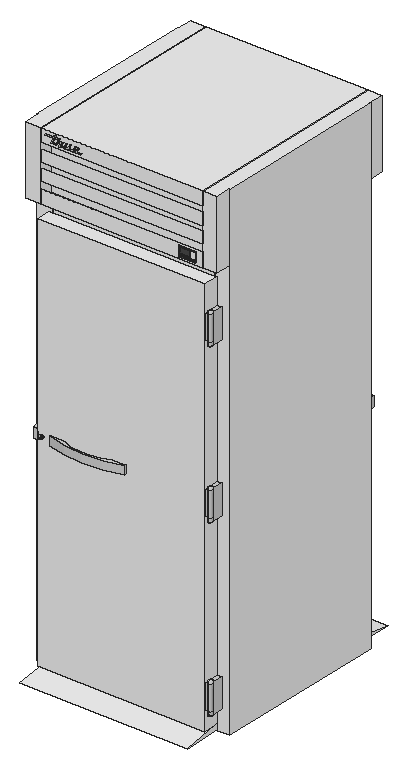
Revit family
Parameters
  Weight in Pounds = 0
  Watts = 2000 W
  Volts = 115 V
  URL Cutsheet = "www.truemfg.com"
  URL = "www.truemfg.com"
  Type Mark [instance] = ""
  Type Comments = ""
  Status [instance] = ""
  Specification by User [instance] = ""
  Specification by Manufacturer = ""
  Show Logo [instance] = yes
  Show Clearance [instance] = yes
  Serial Number = ""
  Seismic Rating = ""
  SMACNA No = ""
  Revision Code [instance] = ""
  Phase = 1
  Omniclass Number and Title = ""
  Number of Poles [instance] = 1
  NAFEM Spec ID Number = ""
  Model = "STA1HRT89-1S-1S"
  Min Ckt Ampacity = 0 A
  Max Overcurrent Protection = 0 A
  Masterspec = ""
  Manufacturer = "TRUE FOOD SERVICE EQUIPMENT, INC."
  Length = 35"
  Item Number [instance] = ""
  Installed By [instance] = ""
  Identify Quantity as Lot [instance] = yes
  Height = 88 3/4"
  HP = ""
  Furnished By [instance] = ""
  Foodservice Equipment Identifier [instance] = yes
  FL Amps = Watts / Volts  # 17.3913 A
  Electrical Remarks [instance] = ""
  Electric Connection Type [instance] = ""
  Elec Conn RI Height [instance] = 0"
  Elec Conn Connection Height [instance] = 0"
  Description = "Roll-thru Solid Swing Door Heated Cabinet"
  Depth = 37 1/2"
  Cycle = 60 Hz
  Conn Plug = "14-20P"
  Conn Conduit = yes
  CSI MasterFormat = ""
  CSI Master Format = ""
  Apparent Power = if(Phase = 3, Volts * FL Amps * 1.73, Volts * FL Amps)  # 2000 VA
Reference planes (in)
  plane 1 "BACK": y = 0
  plane 2: z = 0
  plane 3 "LEFT": x = 0
  plane 4 "RIGHT": x = 35
  plane 5 "FRONT": y = -37.5
  plane 6 "TOP": z = 88.75
  plane 7: x = 2.84375
  plane 8: y = -37.4542
  plane 9: x = 32.15625
  plane 10: y = -0.0458
  plane 11: y = -18.75
  plane 12: z = 73.75
Forms (in)
  Extrusion 1, solid, material "QF_Finishes_Chrome - Satin"
    sketch origin (0.05, 0, 0) x (1, 0, 0) y (0, 1, 0)
      loop
        line (-0.05, -2.75) -> (-0.05, -34.75) -> (2.87859, -34.75) -> (2.87859, -2.75) -> (-0.05, -2.75)
    from 0 to 88.75
  Extrusion 2, solid, material "QF_Finishes_Chrome - Satin"
    sketch origin (50.15, 0, 0) x (1, 0, 0) y (0, 1, 0)
      loop
        line (-17.85, -2.75) -> (-17.85, -34.75) -> (-15.15, -34.75) -> (-15.15, -2.75) -> (-17.85, -2.75)
    from 0 to 88.75
  Extrusion 3, solid, material "QF_Finishes_Chrome - Satin"
    sketch origin (0, 0, 0) x (0, 1, 0) y (0, 0, 1)
      loop
        line (-37.4542, 76.28125) -> (-34.75, 76.28125) -> (-34.75, 0) -> (-2.75, 0) -> (-2.75, 76.28125) -> (-0.0458, 76.28125) -> (-0.0458, 78.81726) -> (-2.25, 77.25) -> (-2.25, 78.52557) -> (-0.0458, 80.09284) -> (-0.0458, 82.18904) -> (-2.25, 80.62178) -> (-2.25, 81.58254) -> (-0.0458, 83.1498) -> (-0.0458, 85.28351) -> (-2.25, 83.71625) -> (-2.25, 84.83852) -> (-0.0458, 86.40578) -> (-0.0458, 88.75) -> (-37.4542, 88.75) -> (-37.4542, 86.40578) -> (-35.25, 84.83852) -> (-35.25, 83.71625) -> (-37.4542, 85.28351) -> (-37.4542, 83.1498) -> (-35.25, 81.58254) -> (-35.25, 80.62178) -> (-37.4542, 82.18904) -> (-37.4542, 80.09284) -> (-35.25, 78.52557) -> (-35.25, 77.25) -> (-37.4542, 78.81726) -> (-37.4542, 76.28125)
    from 2.92859 to 32.3
  Extrusion 4, solid, material "QF_Finishes_Chrome - Satin"
    sketch origin (0, 0, 0) x (1, 0, 0) y (0, 1, 0)
      loop
        line (34.84782, -34.75) -> (32.3, -34.75) -> (32.3, -37.5) -> (34.84782, -37.5) -> (34.84782, -34.75)
      loop
        line (34.84782, -2.75) -> (34.84782, 0) -> (32.3, 0) -> (32.3, -2.75) -> (34.84782, -2.75)
    from 76.28125 to 88.75
  Extrusion 5, solid, material "QF_Finishes_Chrome - Satin"
    sketch origin (-50.125, 0, 0.25) x (1, 0, 0) y (0, 1, 0)
      loop
        line (53.05359, -34.75) -> (50.24109, -34.75) -> (50.24109, -37.5) -> (53.05359, -37.5) -> (53.05359, -34.75)
      loop
        line (53.05359, -2.75) -> (53.05359, 0) -> (50.24109, 0) -> (50.24109, -2.75) -> (53.05359, -2.75)
    from 76.03125 to 88.5
  Extrusion 6, solid, material "QF_Finishes_Chrome - Satin"
    sketch origin (-24.96875, -3.75, -0.71875) x (1, 0, 0) y (0, 0, 1)
      loop
        line (27.25, 1.71875) -> (57.65625, 1.71875) -> (57.65625, 74.46875) -> (27.25, 74.46875) -> (27.25, 1.71875)
    from 31 to 33.75
  Extrusion 7, solid, material "QF_Finishes_Handrails and Railings"
    sketch origin (58.625, -0.25, 26.93519) x (1, 0, 0) y (0, 1, 0)
      loop
        line (-53.875, -37.25) -> (-53.875, -37.45)
        arc (-53.875, -37.45) -> (-47.075, -38.65633) -> (-40.275, -37.45) r 19.7687
        line (-40.275, -37.45) -> (-40.275, -37.25) -> (-42.675, -37.25)
        arc (-42.675, -37.25) -> (-47.075, -38.40816) -> (-51.475, -37.25) r 8.93713
        line (-51.475, -37.25) -> (-53.875, -37.25)
    from 10.87731 to 12.37731
  Extrusion 8, solid, material "QF_Finishes_Handrails and Railings"
    sketch origin (-23.375, -3.83467, -1.5) x (1, 0, 0) y (0, 0, 1)
      loop
        circle (26.4375, 40.0625) r 0.35
      loop
        line (26.47265, 40.33635) -> (26.41715, 40.33635) -> (26.41715, 39.76895) -> (26.47265, 39.76895) -> (26.47265, 40.33635)
    from 33.5 to 33.83066
  Extrusion 9, solid, material "QF_Finishes_Handrails and Railings", visible <- "Show Logo"
    sketch origin (0.33478, -2.68623, 5.01857) x (1, 0, 0) y (0, 0, 1)
      loop
        line (3.46044, 83.08731) -> (3.35478, 82.86073) -> (4.76027, 82.86073)
        arc (4.76027, 82.86073) -> (4.78879, 82.81028) -> (4.76027, 82.75984) r 0.05887
        line (4.76027, 82.75984) -> (4.39369, 81.97372)
        arc (4.39369, 81.97372) -> (4.39051, 81.90091) -> (4.43975, 81.84717) r 0.09523
        line (4.43975, 81.84717) -> (5.33844, 81.84717)
        arc (5.33844, 81.84717) -> (5.45192, 81.88295) -> (5.52436, 81.97735) r 0.19785
        line (5.52436, 81.97735) -> (5.81285, 82.59601) -> (6.0779, 82.59601)
        arc (6.0779, 82.59601) -> (6.14744, 82.57043) -> (6.13737, 82.49703) r 0.05911
        line (6.13737, 82.49703) -> (5.89598, 81.97937)
        arc (5.89598, 81.97937) -> (5.89974, 81.8934) -> (5.97231, 81.84717) r 0.09318
        line (5.97231, 81.84717) -> (6.76198, 81.84717)
        arc (6.76198, 81.84717) -> (6.82249, 81.86919) -> (6.85468, 81.92495) r 0.09412
        arc (6.85468, 81.92495) -> (6.87746, 81.86995) -> (6.93246, 81.84717) r 0.07778
        line (6.93246, 81.84717) -> (7.43246, 81.84717)
        arc (7.43246, 81.84717) -> (7.49022, 81.86265) -> (7.53251, 81.90493) r 0.11552
        arc (7.53251, 81.90493) -> (7.55275, 81.85606) -> (7.60162, 81.83581) r 0.06912
        line (7.60162, 81.83581) -> (8.31225, 81.83581)
        arc (8.31225, 81.83581) -> (8.37034, 81.85988) -> (8.39441, 81.91797) r 0.08216
        arc (8.39441, 81.91797) -> (8.44767, 81.86472) -> (8.52042, 81.84522) r 0.14551
        line (8.52042, 81.84522) -> (9.85158, 81.84522) -> (9.99946, 82.10134) -> (8.65678, 82.10134)
        arc (8.65678, 82.10134) -> (8.61972, 82.12704) -> (8.61834, 82.17211) r 0.05009
        line (8.61834, 82.17211) -> (8.64157, 82.22192)
        arc (8.64157, 82.22192) -> (8.67723, 82.26864) -> (8.73327, 82.28635) r 0.09747
        line (8.73327, 82.28635) -> (9.16485, 82.28635)
        arc (9.16485, 82.28635) -> (9.258, 82.31131) -> (9.32619, 82.3795) r 0.1863
        line (9.32619, 82.3795) -> (9.45119, 82.59601)
        arc (9.45119, 82.59601) -> (9.45119, 82.71157) -> (9.35111, 82.76934) r 0.11556
        line (9.35111, 82.76934) -> (8.89562, 82.76934)
        arc (8.89562, 82.76934) -> (8.7795, 82.74962) -> (8.69849, 82.66412) r 0.18605
        line (8.69849, 82.66412) -> (8.48204, 82.19993)
        arc (8.48204, 82.19993) -> (8.41815, 82.11667) -> (8.31806, 82.08511) r 0.1745
        line (8.31806, 82.08511) -> (7.84559, 82.08511)
        arc (7.84559, 82.08511) -> (7.78903, 82.14684) -> (7.79268, 82.23048) r 0.10939
        line (7.79268, 82.23048) -> (8.04395, 82.76934) -> (7.88403, 82.76934) -> (7.61781, 82.19844)
        arc (7.61781, 82.19844) -> (7.56609, 82.13103) -> (7.48505, 82.10548) r 0.14128
        line (7.48505, 82.10548) -> (7.15925, 82.10548)
        arc (7.15925, 82.10548) -> (7.10419, 82.17723) -> (7.116, 82.26689) r 0.11816
        line (7.116, 82.26689) -> (7.3503, 82.76934) -> (7.18514, 82.76934) -> (6.91546, 82.191)
        arc (6.91546, 82.191) -> (6.85285, 82.12839) -> (6.76733, 82.10548) r 0.17104
        line (6.76733, 82.10548) -> (6.29555, 82.10548)
        arc (6.29555, 82.10548) -> (6.21082, 82.14499) -> (6.20267, 82.23813) r 0.0935
        line (6.20267, 82.23813) -> (6.35774, 82.57069) -> (6.57695, 82.57069)
        arc (6.57695, 82.57069) -> (6.61395, 82.68217) -> (6.69267, 82.76934) r 0.2857
        line (6.69267, 82.76934) -> (5.83605, 82.76934)
        arc (5.83605, 82.76934) -> (5.74086, 82.74824) -> (5.67498, 82.67635) r 0.16212
        line (5.67498, 82.67635) -> (5.44279, 82.17841)
        arc (5.44279, 82.17841) -> (5.3894, 82.12502) -> (5.31647, 82.10548) r 0.14586
        line (5.31647, 82.10548) -> (4.80506, 82.10548)
        arc (4.80506, 82.10548) -> (4.76514, 82.15942) -> (4.77274, 82.22609) r 0.09155
        line (4.77274, 82.22609) -> (5.11018, 82.86073) -> (5.96155, 82.86073) -> (6.06721, 83.08731) -> (5.21584, 83.08731) -> (5.32149, 83.31388) -> (5.01862, 83.31388) -> (4.91297, 83.08731) -> (3.46044, 83.08731)
      loop
        arc (8.83805, 82.56363) -> (8.80119, 82.55375) -> (8.7742, 82.52676) r 0.07373
        line (8.7742, 82.52676) -> (8.75229, 82.45936)
        arc (8.75229, 82.45936) -> (8.76245, 82.43483) -> (8.78699, 82.42466) r 0.0347
        line (8.78699, 82.42466) -> (9.15948, 82.42466)
        arc (9.15948, 82.42466) -> (9.18632, 82.43061) -> (9.20812, 82.44734) r 0.0635
        line (9.20812, 82.44734) -> (9.22624, 82.53122)
        arc (9.22624, 82.53122) -> (9.22091, 82.55368) -> (9.20009, 82.56363) r 0.02676
        line (9.20009, 82.56363) -> (8.83805, 82.56363)
    from 34.76797 to 34.83173
  Extrusion 10, solid, material "QF_Finishes_White"
    sketch origin (-22.74812, -2.7042, -7.94372) x (1, 0, 0) y (0, 0, 1)
      loop
        line (50.81732, 86.35727) -> (50.81732, 84.60996) -> (53.72357, 84.60996) -> (53.72357, 86.35727) -> (50.81732, 86.35727)
    from 34.75 to 34.76797
  Extrusion 11, solid, material "QF_Finishes_Black"
    sketch origin (-22.74812, -2.7042, -7.94372) x (1, 0, 0) y (0, 0, 1)
      loop
        line (53.78607, 86.41977) -> (50.75482, 86.41977) -> (50.75482, 84.54746) -> (53.78607, 84.54746) -> (53.78607, 86.41977)
      loop
        spline (50.95482, 84.87872) -> (50.96333, 84.86254) -> (50.98831, 84.84747) -> (51.02804, 84.83452) -> (51.07982, 84.82459) -> (51.14011, 84.81835) -> (51.20482, 84.81622) -> (51.26952, 84.81835) -> (51.32982, 84.82459) -> (51.38159, 84.83452) -> (51.42132, 84.84747) -> (51.4463, 84.86254) -> (51.45482, 84.87872)
        spline (51.45482, 84.87872) -> (51.4463, 84.89489) -> (51.42132, 84.90997) -> (51.38159, 84.92291) -> (51.32982, 84.93284) -> (51.26952, 84.93909) -> (51.20482, 84.94122) -> (51.14011, 84.93909) -> (51.07982, 84.93284) -> (51.02804, 84.92291) -> (50.98831, 84.90997) -> (50.96333, 84.89489) -> (50.95482, 84.87872)
      loop
        spline (51.65083, 84.87872) -> (51.65935, 84.86254) -> (51.68432, 84.84747) -> (51.72405, 84.83452) -> (51.77583, 84.82459) -> (51.83612, 84.81835) -> (51.90083, 84.81622) -> (51.96553, 84.81835) -> (52.02583, 84.82459) -> (52.07761, 84.83452) -> (52.11734, 84.84747) -> (52.14231, 84.86254) -> (52.15083, 84.87872)
        spline (52.15083, 84.87872) -> (52.14231, 84.89489) -> (52.11734, 84.90997) -> (52.07761, 84.92291) -> (52.02583, 84.93284) -> (51.96553, 84.93909) -> (51.90083, 84.94122) -> (51.83612, 84.93909) -> (51.77583, 84.93284) -> (51.72405, 84.92291) -> (51.68432, 84.90997) -> (51.65935, 84.89489) -> (51.65083, 84.87872)
      loop
        spline (52.40083, 84.87872) -> (52.40935, 84.86254) -> (52.43432, 84.84747) -> (52.47405, 84.83452) -> (52.52583, 84.82459) -> (52.58612, 84.81835) -> (52.65083, 84.81622) -> (52.71553, 84.81835) -> (52.77583, 84.82459) -> (52.82761, 84.83452) -> (52.86734, 84.84747) -> (52.89231, 84.86254) -> (52.90083, 84.87872)
        spline (52.90083, 84.87872) -> (52.89231, 84.89489) -> (52.86734, 84.90997) -> (52.82761, 84.92291) -> (52.77583, 84.93284) -> (52.71553, 84.93909) -> (52.65083, 84.94122) -> (52.58612, 84.93909) -> (52.52583, 84.93284) -> (52.47405, 84.92291) -> (52.43432, 84.90997) -> (52.40935, 84.89489) -> (52.40083, 84.87872)
      loop
        line (50.95481, 86.21978) -> (50.95481, 85.21978) -> (52.65433, 85.21978) -> (52.65433, 86.21978) -> (50.95481, 86.21978)
      loop
        line (53.72357, 86.35727) -> (50.81732, 86.35727) -> (50.81732, 84.60996) -> (53.72357, 84.60996) -> (53.72357, 86.35727)
      loop
        spline (53.15083, 84.87872) -> (53.15935, 84.86254) -> (53.18432, 84.84747) -> (53.22405, 84.83452) -> (53.27583, 84.82459) -> (53.33612, 84.81835) -> (53.40083, 84.81622) -> (53.46553, 84.81835) -> (53.52583, 84.82459) -> (53.57761, 84.83452) -> (53.61734, 84.84747) -> (53.64231, 84.86254) -> (53.65083, 84.87872)
        spline (53.65083, 84.87872) -> (53.64231, 84.89489) -> (53.61734, 84.90997) -> (53.57761, 84.92291) -> (53.52583, 84.93284) -> (53.46553, 84.93909) -> (53.40083, 84.94122) -> (53.33612, 84.93909) -> (53.27583, 84.93284) -> (53.22405, 84.92291) -> (53.18432, 84.90997) -> (53.15935, 84.89489) -> (53.15083, 84.87872)
    from 34.76797 to 34.80335
  Extrusion 12, solid
    sketch origin (-25.125, 0, 0) x (1, 0, 0) y (0, 0, 1)
      loop
        circle (56.875, 86.625) r 0.25
    from 0 to 0.0625
  Blend 13, solid, material "QF_Finishes_Handrails and Railings"
    base sketch origin (27.53125, -3.75, 0.5) x (-1, 0, 0) y (0, 0, -1)
      loop
        line (25.25, -38.99169) -> (26, -38.99169) -> (26, -37.24169) -> (25.25, -37.24169) -> (25.25, -38.99169)
    top sketch origin (27.53125, 0, 0.5) x (-1, 0, 0) y (0, 0, -1)
      loop
        line (26.18223, -36.6441) -> (25.25, -36.6441) -> (25.25, -39.42643) -> (26.18223, -39.42643) -> (26.18223, -36.6441)
    from 33.57883 to 34.75
  Extrusion 14, solid, material "QF_Finishes_Handrails and Railings"
    sketch origin (33.78125, 0, 0) x (0, 1, 0) y (0, 0, -1)
      loop
        line (-34.75, -69.17729) -> (-34.75, -63.86127) -> (-37, -63.86127) -> (-37, -64.57348) -> (-36.56497, -64.57348) -> (-36.56497, -68.97276)
        arc (-36.56497, -68.97276) -> (-36.50506, -69.11738) -> (-36.36044, -69.17729) r 0.20453
        line (-36.36044, -69.17729) -> (-34.75, -69.17729)
    from 0.17506 to 1
  Revolve 15, solid, material "QF_Finishes_Handrails and Railings"
    sketch origin (33.28125, 0, 0) x (0, 1, 0) y (0, 0, -1)
      loop
        line (-37.01563, -64.62689) -> (-37.42229, -64.62689) -> (-37.42229, -69.0986)
        arc (-37.42229, -69.0986) -> (-37.28722, -69.35057) -> (-37.01563, -69.43983) r 0.3848
        line (-37.01563, -69.43983) -> (-37.01563, -64.62689)
      loop
        line (-37.01563, -64.57348) -> (-37.01563, -63.67281)
        arc (-37.01563, -63.67281) -> (-37.28264, -63.75883) -> (-37.42229, -64.00212) r 0.38884
        line (-37.42229, -64.00212) -> (-37.42229, -64.57348) -> (-37.01563, -64.57348)
      axis (-37.01563, -63.67281) -> (-37.01563, -69.43983)
    angle from 0 to 360
  Extrusion 16, solid, material "QF_Finishes_Handrails and Railings"
    sketch origin (27.5, -3.82734, 0.0011) x (-1, 0, 0) y (0, 0, -1)
      loop
        line (-5.58509, -69.0986) -> (-5.1875, -69.0986) -> (-5.1875, -64.62579) -> (-5.58509, -64.62579) -> (-5.58509, -69.0986)
    from 32.81497 to 33.59495
  Extrusion 17, solid, material "QF_Finishes_Handrails and Railings"
    sketch origin (33.78125, 0, -24) x (0, 1, 0) y (0, 0, -1)
      loop
        line (-34.75, -64.55229) -> (-34.75, -59.23627) -> (-37, -59.23627) -> (-37, -59.94848) -> (-36.56497, -59.94848) -> (-36.56497, -64.34776)
        arc (-36.56497, -64.34776) -> (-36.50506, -64.49238) -> (-36.36044, -64.55229) r 0.20453
        line (-36.36044, -64.55229) -> (-34.75, -64.55229)
    from 0.17506 to 1
  Revolve 18, solid, material "QF_Finishes_Handrails and Railings"
    sketch origin (33.28125, 0, -24) x (0, 1, 0) y (0, 0, -1)
      loop
        line (-37.01563, -60.00189) -> (-37.42229, -60.00189) -> (-37.42229, -64.4736)
        arc (-37.42229, -64.4736) -> (-37.28722, -64.72557) -> (-37.01563, -64.81483) r 0.3848
        line (-37.01563, -64.81483) -> (-37.01563, -60.00189)
      loop
        line (-37.01563, -59.94848) -> (-37.01563, -59.04781)
        arc (-37.01563, -59.04781) -> (-37.28264, -59.13383) -> (-37.42229, -59.37712) r 0.38884
        line (-37.42229, -59.37712) -> (-37.42229, -59.94848) -> (-37.01563, -59.94848)
      axis (-37.01563, -59.04781) -> (-37.01563, -64.81483)
    angle from 0 to 360
  Extrusion 19, solid, material "QF_Finishes_Handrails and Railings"
    sketch origin (27.5, -3.82734, -23.9989) x (-1, 0, 0) y (0, 0, -1)
      loop
        line (-5.58509, -64.4736) -> (-5.1875, -64.4736) -> (-5.1875, -60.00079) -> (-5.58509, -60.00079) -> (-5.58509, -64.4736)
    from 32.81497 to 33.59495
  Extrusion 20, solid, material "QF_Finishes_Handrails and Railings"
    sketch origin (33.78125, 0, -55.5) x (0, 1, 0) y (0, 0, -1)
      loop
        line (-34.75, -64.55229) -> (-34.75, -59.23627) -> (-37, -59.23627) -> (-37, -59.94848) -> (-36.56497, -59.94848) -> (-36.56497, -64.34776)
        arc (-36.56497, -64.34776) -> (-36.50506, -64.49238) -> (-36.36044, -64.55229) r 0.20453
        line (-36.36044, -64.55229) -> (-34.75, -64.55229)
    from 0.17506 to 1
  Revolve 21, solid, material "QF_Finishes_Handrails and Railings"
    sketch origin (33.28125, 0, -55.5) x (0, 1, 0) y (0, 0, -1)
      loop
        line (-37.01563, -60.00189) -> (-37.42229, -60.00189) -> (-37.42229, -64.4736)
        arc (-37.42229, -64.4736) -> (-37.28722, -64.72557) -> (-37.01563, -64.81483) r 0.3848
        line (-37.01563, -64.81483) -> (-37.01563, -60.00189)
      loop
        line (-37.01563, -59.94848) -> (-37.01563, -59.04781)
        arc (-37.01563, -59.04781) -> (-37.28264, -59.13383) -> (-37.42229, -59.37712) r 0.38884
        line (-37.42229, -59.37712) -> (-37.42229, -59.94848) -> (-37.01563, -59.94848)
      axis (-37.01563, -59.04781) -> (-37.01563, -64.81483)
    angle from 0 to 360
  Extrusion 22, solid, material "QF_Finishes_Handrails and Railings"
    sketch origin (27.5, -3.82734, -55.4989) x (-1, 0, 0) y (0, 0, -1)
      loop
        line (-5.58509, -64.4736) -> (-5.1875, -64.4736) -> (-5.1875, -60.00079) -> (-5.58509, -60.00079) -> (-5.58509, -64.4736)
    from 32.81497 to 33.59495
  Extrusion 23, solid, material "QF_Finishes_Door Clearance", visible <- "Show Clearance", detail levels coarse
    sketch origin (26.42841, -3.6098, 0) x (1, 0, 0) y (0, 1, 0)
      loop
        line (6.32159, -33.8902) -> (-24.14716, -33.8902)
        arc (-24.14716, -33.8902) -> (-15.22307, -55.43486) -> (6.32159, -64.35895) r 30.46875
        line (6.32159, -64.35895) -> (6.32159, -33.8902)
    from 1 to 73.75
  Extrusion 24, solid, material "QF_Finishes_Chrome - Satin"
    sketch origin (32.6875, -3.75, 1) x (0, 0, 1) y (0, -1, 0)
      loop
        line (-1, 37.6875) -> (-1, 31) -> (0, 31) -> (-1, 37.6875)
    from 0 to -30.40625
  Extrusion 25, solid, material "QF_Finishes_Chrome - Satin"
    sketch origin (59.96875, -33.75, -0.71875) x (-1, 0, 0) y (0, 0, 1)
      loop
        line (27.25, 1.71875) -> (57.65625, 1.71875) -> (57.65625, 74.46875) -> (27.25, 74.46875) -> (27.25, 1.71875)
    from 31 to 33.75
  Extrusion 26, solid, material "QF_Finishes_Handrails and Railings"
    sketch origin (-23.625, -37.25, 26.93519) x (-1, 0, 0) y (0, -1, 0)
      loop
        line (-53.875, -37.25) -> (-53.875, -37.45)
        arc (-53.875, -37.45) -> (-47.075, -38.65628) -> (-40.275, -37.45) r 19.76948
        line (-40.275, -37.45) -> (-40.275, -37.25) -> (-42.675, -37.25)
        arc (-42.675, -37.25) -> (-47.075, -38.40816) -> (-51.475, -37.25) r 8.93715
        line (-51.475, -37.25) -> (-53.875, -37.25)
    from 10.87731 to 12.37731
  Extrusion 27, solid, material "QF_Finishes_Handrails and Railings"
    sketch origin (58.375, -33.66533, -1.5) x (-1, 0, 0) y (0, 0, 1)
      loop
        circle (26.4375, 40.0625) r 0.35
      loop
        line (26.47265, 40.33635) -> (26.41715, 40.33635) -> (26.41715, 39.76895) -> (26.47265, 39.76895) -> (26.47265, 40.33635)
    from 33.5 to 33.83066
  Blend 28, solid, material "QF_Finishes_Handrails and Railings"
    base sketch origin (7.46875, -33.75, 0.5) x (1, 0, 0) y (0, 0, -1)
      loop
        line (25.25, -38.99169) -> (26, -38.99169) -> (26, -37.24169) -> (25.25, -37.24169) -> (25.25, -38.99169)
    top sketch origin (7.46875, -37.5, 0.5) x (1, 0, 0) y (0, 0, -1)
      loop
        line (26.18223, -36.6441) -> (25.25, -36.6441) -> (25.25, -39.42643) -> (26.18223, -39.42643) -> (26.18223, -36.6441)
    from 33.57883 to 34.75
  Extrusion 29, solid, material "QF_Finishes_Handrails and Railings"
    sketch origin (1.21875, -37.5, 0) x (0, -1, 0) y (0, 0, -1)
      loop
        line (-34.75, -69.17729) -> (-34.75, -63.86127) -> (-37, -63.86127) -> (-37, -64.57348) -> (-36.56497, -64.57348) -> (-36.56497, -68.97276)
        arc (-36.56497, -68.97276) -> (-36.50506, -69.11738) -> (-36.36044, -69.17729) r 0.20453
        line (-36.36044, -69.17729) -> (-34.75, -69.17729)
    from 0.17506 to 1
  Revolve 30, solid, material "QF_Finishes_Handrails and Railings"
    sketch origin (1.71875, -37.5, 0) x (0, -1, 0) y (0, 0, -1)
      loop
        line (-37.01563, -64.62689) -> (-37.42229, -64.62689) -> (-37.42229, -69.0986)
        arc (-37.42229, -69.0986) -> (-37.28722, -69.35057) -> (-37.01563, -69.43983) r 0.3848
        line (-37.01563, -69.43983) -> (-37.01563, -64.62689)
      loop
        line (-37.01563, -64.57348) -> (-37.01563, -63.67281)
        arc (-37.01563, -63.67281) -> (-37.28264, -63.75883) -> (-37.42229, -64.00212) r 0.38884
        line (-37.42229, -64.00212) -> (-37.42229, -64.57348) -> (-37.01563, -64.57348)
      axis (-37.01563, -63.67281) -> (-37.01563, -69.43983)
    angle from 0 to 360
  Extrusion 31, solid, material "QF_Finishes_Handrails and Railings"
    sketch origin (7.5, -33.67266, 0.0011) x (1, 0, 0) y (0, 0, -1)
      loop
        line (-5.58509, -69.0986) -> (-5.1875, -69.0986) -> (-5.1875, -64.62579) -> (-5.58509, -64.62579) -> (-5.58509, -69.0986)
    from 32.81497 to 33.59495
  Extrusion 32, solid, material "QF_Finishes_Handrails and Railings"
    sketch origin (1.21875, -37.5, -24) x (0, -1, 0) y (0, 0, -1)
      loop
        line (-34.75, -64.55229) -> (-34.75, -59.23627) -> (-37, -59.23627) -> (-37, -59.94848) -> (-36.56497, -59.94848) -> (-36.56497, -64.34776)
        arc (-36.56497, -64.34776) -> (-36.50506, -64.49238) -> (-36.36044, -64.55229) r 0.20453
        line (-36.36044, -64.55229) -> (-34.75, -64.55229)
    from 0.17506 to 1
  Revolve 33, solid, material "QF_Finishes_Handrails and Railings"
    sketch origin (1.71875, -37.5, -24) x (0, -1, 0) y (0, 0, -1)
      loop
        line (-37.01563, -60.00189) -> (-37.42229, -60.00189) -> (-37.42229, -64.4736)
        arc (-37.42229, -64.4736) -> (-37.28722, -64.72557) -> (-37.01563, -64.81483) r 0.3848
        line (-37.01563, -64.81483) -> (-37.01563, -60.00189)
      loop
        line (-37.01563, -59.94848) -> (-37.01563, -59.04781)
        arc (-37.01563, -59.04781) -> (-37.28264, -59.13383) -> (-37.42229, -59.37712) r 0.38884
        line (-37.42229, -59.37712) -> (-37.42229, -59.94848) -> (-37.01563, -59.94848)
      axis (-37.01563, -59.04781) -> (-37.01563, -64.81483)
    angle from 0 to 360
  Extrusion 34, solid, material "QF_Finishes_Handrails and Railings"
    sketch origin (7.5, -33.67266, -23.9989) x (1, 0, 0) y (0, 0, -1)
      loop
        line (-5.58509, -64.4736) -> (-5.1875, -64.4736) -> (-5.1875, -60.00079) -> (-5.58509, -60.00079) -> (-5.58509, -64.4736)
    from 32.81497 to 33.59495
  Extrusion 35, solid, material "QF_Finishes_Handrails and Railings"
    sketch origin (1.21875, -37.5, -55.5) x (0, -1, 0) y (0, 0, -1)
      loop
        line (-34.75, -64.55229) -> (-34.75, -59.23627) -> (-37, -59.23627) -> (-37, -59.94848) -> (-36.56497, -59.94848) -> (-36.56497, -64.34776)
        arc (-36.56497, -64.34776) -> (-36.50506, -64.49238) -> (-36.36044, -64.55229) r 0.20453
        line (-36.36044, -64.55229) -> (-34.75, -64.55229)
    from 0.17506 to 1
  Revolve 36, solid, material "QF_Finishes_Handrails and Railings"
    sketch origin (1.71875, -37.5, -55.5) x (0, -1, 0) y (0, 0, -1)
      loop
        line (-37.01563, -60.00189) -> (-37.42229, -60.00189) -> (-37.42229, -64.4736)
        arc (-37.42229, -64.4736) -> (-37.28722, -64.72557) -> (-37.01563, -64.81483) r 0.3848
        line (-37.01563, -64.81483) -> (-37.01563, -60.00189)
      loop
        line (-37.01563, -59.94848) -> (-37.01563, -59.04781)
        arc (-37.01563, -59.04781) -> (-37.28264, -59.13383) -> (-37.42229, -59.37712) r 0.38884
        line (-37.42229, -59.37712) -> (-37.42229, -59.94848) -> (-37.01563, -59.94848)
      axis (-37.01563, -59.04781) -> (-37.01563, -64.81483)
    angle from 0 to 360
  Extrusion 37, solid, material "QF_Finishes_Handrails and Railings"
    sketch origin (7.5, -33.67266, -55.4989) x (1, 0, 0) y (0, 0, -1)
      loop
        line (-5.58509, -64.4736) -> (-5.1875, -64.4736) -> (-5.1875, -60.00079) -> (-5.58509, -60.00079) -> (-5.58509, -64.4736)
    from 32.81497 to 33.59495
  Extrusion 38, solid, material "QF_Finishes_Door Clearance", visible <- "Show Clearance", detail levels coarse
    sketch origin (8.57159, -33.8902, 0) x (-1, 0, 0) y (0, -1, 0)
      loop
        line (6.32159, -33.8902) -> (-24.14716, -33.8902)
        arc (-24.14716, -33.8902) -> (-15.22307, -55.43486) -> (6.32159, -64.35895) r 30.46875
        line (6.32159, -64.35895) -> (6.32159, -33.8902)
    from 1 to 73.75
  Extrusion 39, solid, material "QF_Finishes_Chrome - Satin"
    sketch origin (2.3125, -33.75, 1) x (0, 0, 1) y (0, 1, 0)
      loop
        line (-1, 37.6875) -> (-1, 31) -> (0, 31) -> (-1, 37.6875)
    from 0 to -30.40625
Cuts and joins
  joined: Extrusion 1, Extrusion 2, Extrusion 4, Extrusion 5
Lines and regions (in)
  symbolic lines
    curve 1: line (0, 0, 0) -> (35, 0, 0)
    curve 2: line (0, -37.5, 0) -> (0, 0, 0)
    curve 3: line (35, -37.5, 0) -> (0, -37.5, 0)
    curve 4: line (35, 0, 0) -> (35, -37.5, 0)
    curve 5: line (35, -35.25, 0) -> (0, -35.25, 0)
    curve 6: arc (15.95746, -37.5, 0) -> (11.55746, -38.65816, 0) -> (7.15746, -37.5, 0) r 8.93715
    curve 7: line (4.75746, -37.5, 0) -> (4.75746, -37.70273, 0)
    curve 8: line (18.35746, -37.69726, 0) -> (18.35746, -37.5, 0)
    curve 13: line (16.65, 0.2, 0) -> (16.65, 0, 0)
    curve 14: line (30.25, 0, 0) -> (30.25, 0.2, 0)
    curve 15: arc (19.05, 0, 0) -> (23.45, 1.15816, 0) -> (27.85, 0, 0) r 8.93715
    curve 16: arc (4.75746, -37.70273, 0) -> (11.55795, -38.90633, 0) -> (18.35746, -37.69726, 0) r 19.7687
    curve 17: arc (30.25, 0.2, 0) -> (23.45, 1.40628, 0) -> (16.65, 0.2, 0) r 19.76948
    curve 18: line (35, -2.25, 0) -> (0, -2.25, 0)
  symbolic lines, style "QF-Door Swings", visible <- "Show Clearance", detail levels coarse
    curve 9: line (32.75, -37.5, 0) -> (32.75, -67.96875, 0)
    curve 10: arc (32.75, -67.96875, 0) -> (11.20534, -59.04466, 0) -> (2.28125, -37.5, 0) r 30.46875
    curve 11: line (2.25, 0, 0) -> (2.25, 30.46875, 0)
    curve 12: arc (2.25, 30.46875, 0) -> (23.79466, 21.54466, 0) -> (32.71875, 0, 0) r 30.46875
Dimensions and locks (in)
  "Depth": plane 5 "FRONT" to plane 1 "BACK"
  plane 6 "TOP" to level = 88 3/4"  (x2)
  Extrusion 6 sketch curve to Extrusion 6 sketch curve = 30 13/32"
  Extrusion 6 to plane 1 "BACK" = 37 1/2"
  "Length": plane 3 "LEFT" to plane 4 "RIGHT"
  plane 4 "RIGHT" to plane 3 "LEFT" = 35"
  plane 5 "FRONT" to plane 1 "BACK" = 37 1/2"
  Extrusion 25 sketch curve to Extrusion 25 sketch curve = 30 13/32"
  plane 12 to level = 73 3/4"
  aligned and locked: level to plane 2
Automatic sketch dimensions
  Extrusion 39 sketch curve to Extrusion 25 = 0"
  Extrusion 39 sketch curve to Extrusion 39 sketch curve = 1"
  Extrusion 39 sketch curve to Extrusion 25 = 3 15/16"
  Extrusion 1 sketch curve to plane 3 "LEFT" = 0"
  plane 1 "BACK" to Extrusion 1 sketch curve = 2 3/4"
  plane 7 to Extrusion 1 sketch curve = 0.08484"
  Extrusion 1 sketch curve to plane 5 "FRONT" = 2 3/4"
  plane 1 "BACK" to Extrusion 2 sketch curve = 2 3/4"
  Extrusion 2 sketch curve to plane 4 "RIGHT" = 0"
  Extrusion 2 sketch curve to plane 9 = 0.14375"
  Extrusion 2 sketch curve to plane 5 "FRONT" = 2 3/4"
  Extrusion 3 sketch curve to plane 8 = 0"  (x4)
  Extrusion 3 sketch curve to level = 0"
  Extrusion 3 sketch curve to plane 10 = 0"  (x4)
  Extrusion 3 sketch curve to plane 6 "TOP" = 0"
  plane 8 to Extrusion 3 sketch curve = 2.2042"
  Extrusion 3 sketch curve to Extrusion 3 sketch curve = 0"  (x3)
  plane 8 to Extrusion 3 sketch curve = 2.7042"
  Extrusion 3 sketch curve to Extrusion 3 sketch curve = 2.7042"
  plane 10 to Extrusion 3 sketch curve = 2.2042"
  Extrusion 3 sketch curve to Extrusion 3 sketch curve = 1/2"
  Extrusion 3 sketch curve to plane 6 "TOP" = 12 15/32"  (x2)
  Extrusion 3 sketch curve to Extrusion 3 sketch curve = 31/32"  (x2)
  Extrusion 3 sketch curve to Extrusion 3 sketch curve = 1.27557"  (x4)
  Extrusion 3 sketch curve to Extrusion 3 sketch curve = 0.29169"  (x2)
  Extrusion 3 sketch curve to Extrusion 3 sketch curve = 2.0962"  (x4)
  Extrusion 3 sketch curve to Extrusion 3 sketch curve = 0.96076"  (x4)
  Extrusion 3 sketch curve to Extrusion 3 sketch curve = 2.13371"  (x4)
  Extrusion 3 sketch curve to Extrusion 3 sketch curve = 1.12227"  (x4)
  Extrusion 6 sketch curve to plane 7 = 9/16"
  level to Extrusion 6 sketch curve = 1"
  Extrusion 6 sketch curve to plane 6 "TOP" = 15"
  plane 7 to Extrusion 8 sketch curve = 0.1984"
  plane 7 to Extrusion 8 sketch curve = 7/32"
  Extrusion 8 sketch curve to Extrusion 8 sketch curve = 0.0555"
  level to Extrusion 8 sketch curve = 38.26895"
  Extrusion 8 sketch curve to Extrusion 8 sketch curve = 0.29355"
  Extrusion 8 sketch curve to Extrusion 8 sketch curve = 0.27385"
  plane 7 to Extrusion 9 sketch curve = 0.84582"
  Extrusion 9 sketch curve to Extrusion 9 sketch curve = 0.10565"  (x5)
  Extrusion 9 sketch curve to Extrusion 9 sketch curve = 1.03891"
  Extrusion 9 sketch curve to Extrusion 9 sketch curve = 0.04606"
  Extrusion 9 sketch curve to Extrusion 9 sketch curve = 0.08631"
  Extrusion 9 sketch curve to Extrusion 9 sketch curve = 0.33624"
  Extrusion 9 sketch curve to Extrusion 9 sketch curve = 0.03034"  (x2)
  Extrusion 9 sketch curve to Extrusion 9 sketch curve = 0.29274"
  Extrusion 9 sketch curve to Extrusion 9 sketch curve = 0.03232"
  Extrusion 9 sketch curve to Extrusion 9 sketch curve = 0.04851"
  Extrusion 9 sketch curve to plane 6 "TOP" = 0.64412"
  Extrusion 9 sketch curve to Extrusion 9 sketch curve = 0.1527"
  Extrusion 9 sketch curve to plane 6 "TOP" = 0.41755"
  Extrusion 9 sketch curve to Extrusion 9 sketch curve = 0.19721"
  Extrusion 9 sketch curve to Extrusion 9 sketch curve = 0.4629"
  Extrusion 9 sketch curve to Extrusion 9 sketch curve = 0.02197"
  Extrusion 9 sketch curve to Extrusion 9 sketch curve = 0.12632"
  Extrusion 9 sketch curve to Extrusion 9 sketch curve = 0.18591"
  Extrusion 9 sketch curve to plane 6 "TOP" = 1.05508"
  Extrusion 9 sketch curve to Extrusion 9 sketch curve = 0.2322"
  Extrusion 9 sketch curve to Extrusion 9 sketch curve = 0.13786"
  Extrusion 9 sketch curve to Extrusion 9 sketch curve = 0.00907"
  Extrusion 9 sketch curve to Extrusion 9 sketch curve = 0.01413"
  Extrusion 9 sketch curve to Extrusion 9 sketch curve = 0.37162"
  Extrusion 9 sketch curve to plane 6 "TOP" = 0.8707"
  Extrusion 9 sketch curve to Extrusion 9 sketch curve = 0.12551"
  Extrusion 9 sketch curve to Extrusion 9 sketch curve = 0.07633"
  Extrusion 9 sketch curve to Extrusion 9 sketch curve = 0.08445"
  Extrusion 9 sketch curve to Extrusion 9 sketch curve = 0.25598"
  Extrusion 9 sketch curve to Extrusion 9 sketch curve = 0.01887"
  Extrusion 9 sketch curve to Extrusion 9 sketch curve = 0.04061"
  Extrusion 9 sketch curve to plane 6 "TOP" = 1.4933"
  Extrusion 9 sketch curve to Extrusion 9 sketch curve = 0.0653"
  Extrusion 9 sketch curve to Extrusion 9 sketch curve = 0.08474"
  Extrusion 9 sketch curve to Extrusion 9 sketch curve = 0.00815"
  Extrusion 9 sketch curve to Extrusion 9 sketch curve = 0.22037"
  Extrusion 9 sketch curve to Extrusion 9 sketch curve = 0.21921"
  Extrusion 9 sketch curve to Extrusion 9 sketch curve = 0.11572"
  Extrusion 9 sketch curve to Extrusion 9 sketch curve = 0.46643"
  Extrusion 9 sketch curve to Extrusion 9 sketch curve = 0.00535"
  Extrusion 9 sketch curve to Extrusion 9 sketch curve = 0.09269"
  Extrusion 9 sketch curve to Extrusion 9 sketch curve = 0.09348"
  Extrusion 9 sketch curve to Extrusion 9 sketch curve = 0.14812"
  Extrusion 9 sketch curve to Extrusion 9 sketch curve = 0.07778"
  Extrusion 9 sketch curve to Extrusion 9 sketch curve = 0.20054"
  Extrusion 9 sketch curve to Extrusion 9 sketch curve = 0.04325"
  Extrusion 9 sketch curve to plane 6 "TOP" = 0.96209"  (x2)
  Extrusion 9 sketch curve to Extrusion 9 sketch curve = 0.32433"
  Extrusion 9 sketch curve to Extrusion 9 sketch curve = 0.10233"  (x2)
  Extrusion 9 sketch curve to Extrusion 9 sketch curve = 0.16515"
  Extrusion 9 sketch curve to Extrusion 9 sketch curve = 0.27321"
  Extrusion 9 sketch curve to Extrusion 9 sketch curve = 0.0526"
  Extrusion 9 sketch curve to Extrusion 9 sketch curve = 0.10005"
  Extrusion 9 sketch curve to Extrusion 9 sketch curve = 0.06912"
  Extrusion 9 sketch curve to Extrusion 9 sketch curve = 0.13276"
  Extrusion 9 sketch curve to plane 6 "TOP" = 1.50095"
  Extrusion 9 sketch curve to Extrusion 9 sketch curve = 0.17486"
  Extrusion 9 sketch curve to Extrusion 9 sketch curve = 0.05291"
  Extrusion 9 sketch curve to Extrusion 9 sketch curve = 0.53374"
  Extrusion 9 sketch curve to Extrusion 9 sketch curve = 0.09914"
  Extrusion 9 sketch curve to Extrusion 9 sketch curve = 0.15992"
  Extrusion 9 sketch curve to Extrusion 9 sketch curve = 0.46666"
  Extrusion 9 sketch curve to Extrusion 9 sketch curve = 0.00582"
  Extrusion 9 sketch curve to Extrusion 9 sketch curve = 0.08216"
  Extrusion 9 sketch curve to Extrusion 9 sketch curve = 0.16397"
  Extrusion 9 sketch curve to Extrusion 9 sketch curve = 0.12601"
  Extrusion 9 sketch curve to plane 6 "TOP" = 1.55932"
  Extrusion 9 sketch curve to Extrusion 9 sketch curve = 0.1363"
  Extrusion 9 sketch curve to plane 6 "TOP" = 1.50951"
  Extrusion 9 sketch curve to Extrusion 9 sketch curve = 0.02323"
  Extrusion 9 sketch curve to Extrusion 9 sketch curve = 0.03844"
  Extrusion 9 sketch curve to Extrusion 9 sketch curve = 0.0454"
  Extrusion 9 sketch curve to Extrusion 9 sketch curve = 0.05693"
  Extrusion 9 sketch curve to Extrusion 9 sketch curve = 0.0917"
  Extrusion 9 sketch curve to Extrusion 9 sketch curve = 0.01902"
  Extrusion 9 sketch curve to Extrusion 9 sketch curve = 0.02191"
  Extrusion 9 sketch curve to Extrusion 9 sketch curve = 0.0347"
  Extrusion 9 sketch curve to Extrusion 9 sketch curve = 0.06385"
  Extrusion 9 sketch curve to Extrusion 9 sketch curve = 0.02906"
  Extrusion 9 sketch curve to Extrusion 9 sketch curve = 0.02851"
  Extrusion 9 sketch curve to Extrusion 9 sketch curve = 0.29237"
  Extrusion 9 sketch curve to Extrusion 9 sketch curve = 0.00537"
  Extrusion 9 sketch curve to Extrusion 9 sketch curve = 0.0406"
  Extrusion 9 sketch curve to plane 6 "TOP" = 1.28409"
  Extrusion 9 sketch curve to Extrusion 9 sketch curve = 0.04327"
  Extrusion 9 sketch curve to Extrusion 9 sketch curve = 0.02615"
  Extrusion 9 sketch curve to plane 6 "TOP" = 1.35193"
  Extrusion 9 sketch curve to Extrusion 9 sketch curve = 0.11806"
  Extrusion 9 sketch curve to Extrusion 9 sketch curve = 0.15103"
  Extrusion 9 sketch curve to Extrusion 9 sketch curve = 0.10007"
  Extrusion 9 sketch curve to Extrusion 9 sketch curve = 0.5254"
  Extrusion 9 sketch curve to plane 6 "TOP" = 1.63009"
  Extrusion 9 sketch curve to Extrusion 9 sketch curve = 0.14787"
  Extrusion 9 sketch curve to Extrusion 9 sketch curve = 0.14537"
  Extrusion 9 sketch curve to Extrusion 9 sketch curve = 0.63134"
  Extrusion 9 sketch curve to Extrusion 9 sketch curve = 0.11061"
  Extrusion 9 sketch curve to Extrusion 9 sketch curve = 0.25876"
  Extrusion 9 sketch curve to Extrusion 9 sketch curve = 0.06767"
  Extrusion 9 sketch curve to Extrusion 9 sketch curve = 0.12655"
  Extrusion 9 sketch curve to Extrusion 9 sketch curve = 0.12242"
  Extrusion 9 sketch curve to Extrusion 9 sketch curve = 0.29684"
  Extrusion 9 sketch curve to Extrusion 9 sketch curve = 0.03938"
  Extrusion 9 sketch curve to Extrusion 9 sketch curve = 0.06046"
  Extrusion 9 sketch curve to Extrusion 9 sketch curve = 0.13266"
  Extrusion 9 sketch curve to Extrusion 9 sketch curve = 0.14279"
  Extrusion 9 sketch curve to Extrusion 9 sketch curve = 0.07293"
  Extrusion 9 sketch curve to Extrusion 9 sketch curve = 0.07764"
  Extrusion 9 sketch curve to Extrusion 9 sketch curve = 0.03794"
  Extrusion 9 sketch curve to Extrusion 9 sketch curve = 0.08552"
  Extrusion 9 sketch curve to Extrusion 9 sketch curve = 0.09296"
  Extrusion 9 sketch curve to Extrusion 9 sketch curve = 0.02781"
  Extrusion 9 sketch curve to Extrusion 9 sketch curve = 0.04799"
  Extrusion 9 sketch curve to Extrusion 9 sketch curve = 0.03054"
  Extrusion 9 sketch curve to Extrusion 9 sketch curve = 0.2589"
  Extrusion 9 sketch curve to Extrusion 9 sketch curve = 0.0674"
  Extrusion 9 sketch curve to Extrusion 9 sketch curve = 0.0324"
  Extrusion 9 sketch curve to Extrusion 9 sketch curve = 0.26185"
  Extrusion 9 sketch curve to Extrusion 9 sketch curve = 11/256"
  Extrusion 9 sketch curve to Extrusion 9 sketch curve = 0.07366"
  Extrusion 9 sketch curve to Extrusion 9 sketch curve = 0.02187"
  Extrusion 9 sketch curve to Extrusion 9 sketch curve = 0.06479"
  Extrusion 9 sketch curve to Extrusion 9 sketch curve = 0.05778"
  Extrusion 9 sketch curve to Extrusion 9 sketch curve = 0.32747"
  Extrusion 9 sketch curve to Extrusion 9 sketch curve = 0.05045"
  Extrusion 9 sketch curve to Extrusion 9 sketch curve = 29/128"
  plane 9 to Extrusion 10 sketch curve = 4.08705"
  plane 9 to Extrusion 10 sketch curve = 1.1808"
  Extrusion 10 sketch curve to plane 6 "TOP" = 12.08376"
  Extrusion 10 sketch curve to Extrusion 10 sketch curve = 1.74732"
  plane 9 to Extrusion 11 sketch curve = 4.14955"
  Extrusion 11 sketch curve to Extrusion 11 sketch curve = 1/16"  (x4)
  Extrusion 11 sketch curve to Extrusion 11 sketch curve = 0.1375"  (x3)
  Extrusion 11 sketch curve to Extrusion 11 sketch curve = 1/4"  (x4)
  Extrusion 11 sketch curve to Extrusion 11 sketch curve = 0.44601"
  Extrusion 11 sketch curve to Extrusion 11 sketch curve = 1/2"  (x2)
  Extrusion 11 sketch curve to Extrusion 11 sketch curve = 0.0035"
  Extrusion 11 sketch curve to Extrusion 11 sketch curve = 1.06923"
  Extrusion 11 sketch curve to plane 6 "TOP" = 12.14626"
  Extrusion 11 sketch curve to Extrusion 11 sketch curve = 0.26876"  (x2)
  Extrusion 11 sketch curve to Extrusion 11 sketch curve = 0"  (x2)
  Extrusion 11 sketch curve to Extrusion 11 sketch curve = 0.34106"
  Extrusion 11 sketch curve to Extrusion 11 sketch curve = 1"
  plane 9 to Extrusion 12 sketch curve = 13/32"
  Extrusion 12 sketch curve to plane 6 "TOP" = 2 1/8"
  Blend 13 sketch curve to plane 7 = 9/16"
  Blend 13 sketch curve to Blend 13 sketch curve = 3/4"
  level to Blend 13 sketch curve = 39.49169"
  Blend 13 sketch curve to Blend 13 sketch curve = 1 3/4"
  plane 7 to Blend 13 sketch curve = 9/16"
  Blend 13 sketch curve to Blend 13 sketch curve = 0.93223"
  Blend 13 sketch curve to level = 37.1441"
  Blend 13 sketch curve to Blend 13 sketch curve = 2.78233"
  Extrusion 14 sketch curve to plane 5 "FRONT" = 1/2"
  Extrusion 14 sketch curve to Extrusion 14 sketch curve = 0.43503"
  Extrusion 14 sketch curve to Extrusion 14 sketch curve = 0.20453"
  Extrusion 14 sketch curve to Extrusion 14 sketch curve = 1.61044"
  Extrusion 14 sketch curve to plane 6 "TOP" = 19.57271"
  Extrusion 14 sketch curve to Extrusion 14 sketch curve = 4.39928"
  Extrusion 14 sketch curve to Extrusion 14 sketch curve = 0.71221"
  Revolve 15 sketch curve to plane 5 "FRONT" = 0.07771"  (x2)
  Revolve 15 sketch curve to Revolve 15 sketch curve = 0.38242"
  Revolve 15 sketch curve to Revolve 15 sketch curve = 0.38436"
  Revolve 15 sketch curve to plane 5 "FRONT" = 31/64"
  Revolve 15 sketch curve to Revolve 15 sketch curve = 0.40666"
  Revolve 15 sketch curve to Revolve 15 sketch curve = 0"
  Revolve 15 sketch curve to plane 6 "TOP" = 18.75492"
  Revolve 15 sketch curve to Revolve 15 sketch curve = 0.55526"
  Revolve 15 sketch curve to Revolve 15 sketch curve = 0.19474"
  Revolve 15 sketch curve to Revolve 15 sketch curve = 0.14649"
  Revolve 15 sketch curve to Revolve 15 sketch curve = 4.42889"
  Revolve 15 sketch curve to Revolve 15 sketch curve = 0.05342"
  Revolve 15 sketch curve to Revolve 15 sketch curve = 0.51246"
  Revolve 15 sketch curve to Revolve 15 sketch curve = 0.05889"
  Extrusion 16 sketch curve to plane 9 = 0.92884"
  Extrusion 16 sketch curve to Extrusion 16 sketch curve = 0.39759"
  Extrusion 16 sketch curve to plane 6 "TOP" = 19.6503"
  Extrusion 16 sketch curve to Extrusion 16 sketch curve = 4.47281"
  Extrusion 17 sketch curve to plane 5 "FRONT" = 1/2"
  Extrusion 17 sketch curve to Extrusion 17 sketch curve = 0.43503"
  Extrusion 17 sketch curve to Extrusion 17 sketch curve = 0.20453"
  Extrusion 17 sketch curve to Extrusion 17 sketch curve = 1.61044"
  level to Extrusion 17 sketch curve = 40.55229"
  Extrusion 17 sketch curve to Extrusion 17 sketch curve = 4.39928"
  Extrusion 17 sketch curve to Extrusion 17 sketch curve = 0.71221"
  Revolve 18 sketch curve to plane 5 "FRONT" = 0.07771"  (x2)
  Revolve 18 sketch curve to Revolve 18 sketch curve = 0.38242"
  Revolve 18 sketch curve to Revolve 18 sketch curve = 0.38436"
  Revolve 18 sketch curve to plane 5 "FRONT" = 31/64"
  Revolve 18 sketch curve to Revolve 18 sketch curve = 0.40666"
  Revolve 18 sketch curve to Revolve 18 sketch curve = 0"
  level to Revolve 18 sketch curve = 41.37008"
  Revolve 18 sketch curve to Revolve 18 sketch curve = 0.55526"
  Revolve 18 sketch curve to Revolve 18 sketch curve = 0.19474"
  Revolve 18 sketch curve to Revolve 18 sketch curve = 0.14649"
  Revolve 18 sketch curve to Revolve 18 sketch curve = 4.42889"
  Revolve 18 sketch curve to Revolve 18 sketch curve = 0.05342"
  Revolve 18 sketch curve to Revolve 18 sketch curve = 0.51246"
  Revolve 18 sketch curve to Revolve 18 sketch curve = 0.05889"
  Extrusion 19 sketch curve to plane 9 = 0.92884"
  Extrusion 19 sketch curve to Extrusion 19 sketch curve = 0.39759"
  level to Extrusion 19 sketch curve = 40.4747"
  Extrusion 19 sketch curve to Extrusion 19 sketch curve = 4.47281"
  Extrusion 20 sketch curve to plane 5 "FRONT" = 1/2"
  Extrusion 20 sketch curve to Extrusion 20 sketch curve = 0.43503"
  Extrusion 20 sketch curve to Extrusion 20 sketch curve = 0.20453"
  Extrusion 20 sketch curve to Extrusion 20 sketch curve = 1.61044"
  level to Extrusion 20 sketch curve = 9.05229"
  Extrusion 20 sketch curve to Extrusion 20 sketch curve = 4.39928"
  Extrusion 20 sketch curve to Extrusion 20 sketch curve = 0.71221"
  Revolve 21 sketch curve to plane 5 "FRONT" = 0.07771"  (x2)
  Revolve 21 sketch curve to Revolve 21 sketch curve = 0.38242"
  Revolve 21 sketch curve to Revolve 21 sketch curve = 0.38436"
  Revolve 21 sketch curve to plane 5 "FRONT" = 31/64"
  Revolve 21 sketch curve to Revolve 21 sketch curve = 0.40666"
  Revolve 21 sketch curve to Revolve 21 sketch curve = 0"
  level to Revolve 21 sketch curve = 9.87008"
  Revolve 21 sketch curve to Revolve 21 sketch curve = 0.55526"
  Revolve 21 sketch curve to Revolve 21 sketch curve = 0.19474"
  Revolve 21 sketch curve to Revolve 21 sketch curve = 0.14649"
  Revolve 21 sketch curve to Revolve 21 sketch curve = 4.42889"
  Revolve 21 sketch curve to Revolve 21 sketch curve = 0.05342"
  Revolve 21 sketch curve to Revolve 21 sketch curve = 0.51246"
  Revolve 21 sketch curve to Revolve 21 sketch curve = 0.05889"
  Extrusion 22 sketch curve to plane 9 = 0.92884"
  Extrusion 22 sketch curve to Extrusion 22 sketch curve = 0.39759"
  level to Extrusion 22 sketch curve = 8.9747"
  Extrusion 22 sketch curve to Extrusion 22 sketch curve = 4.47281"
  plane 5 "FRONT" to Extrusion 23 sketch curve = 0"
  Extrusion 23 sketch curve to plane 7 = 9/16"
  Extrusion 23 sketch curve to plane 9 = 19/32"
  Extrusion 24 sketch curve to Extrusion 6 = 0"
  Extrusion 6 to Extrusion 24 sketch curve = 0"
  Extrusion 6 to Extrusion 24 sketch curve = 1"
  Extrusion 24 sketch curve to Extrusion 6 = 3 15/16"
  Extrusion 25 sketch curve to plane 9 = 9/16"
  level to Extrusion 25 sketch curve = 1"
  Extrusion 25 sketch curve to plane 6 "TOP" = 15"
  plane 9 to Extrusion 27 sketch curve = 0.1984"
  plane 9 to Extrusion 27 sketch curve = 7/32"
  Extrusion 27 sketch curve to Extrusion 27 sketch curve = 0.0555"
  level to Extrusion 27 sketch curve = 38.26895"
  Extrusion 27 sketch curve to Extrusion 27 sketch curve = 0.29355"
  Extrusion 27 sketch curve to Extrusion 27 sketch curve = 0.27385"
  Blend 28 sketch curve to plane 9 = 9/16"  (x2)
  Blend 28 sketch curve to Blend 28 sketch curve = 3/4"
  level to Blend 28 sketch curve = 39.49169"
  Blend 28 sketch curve to Blend 28 sketch curve = 1 3/4"
  Blend 28 sketch curve to Blend 28 sketch curve = 0.93223"
  level to Blend 28 sketch curve = 39.92643"
  Blend 28 sketch curve to Blend 28 sketch curve = 2.78233"
  plane 1 "BACK" to Extrusion 29 sketch curve = 1/2"
  Extrusion 29 sketch curve to Extrusion 29 sketch curve = 0.43503"
  Extrusion 29 sketch curve to Extrusion 29 sketch curve = 0.20453"
  Extrusion 29 sketch curve to Extrusion 29 sketch curve = 1.61044"
  Extrusion 29 sketch curve to plane 6 "TOP" = 19.57271"
  Extrusion 29 sketch curve to Extrusion 29 sketch curve = 4.39928"
  Extrusion 29 sketch curve to Extrusion 29 sketch curve = 0.71221"
  plane 1 "BACK" to Revolve 30 sketch curve = 0.07771"  (x2)
  Revolve 30 sketch curve to Revolve 30 sketch curve = 0.38242"
  Revolve 30 sketch curve to Revolve 30 sketch curve = 0.38436"
  plane 1 "BACK" to Revolve 30 sketch curve = 31/64"
  Revolve 30 sketch curve to Revolve 30 sketch curve = 0.40666"
  Revolve 30 sketch curve to Revolve 30 sketch curve = 0"
  Revolve 30 sketch curve to plane 6 "TOP" = 18.75492"
  Revolve 30 sketch curve to Revolve 30 sketch curve = 0.55526"
  Revolve 30 sketch curve to Revolve 30 sketch curve = 0.19474"
  Revolve 30 sketch curve to Revolve 30 sketch curve = 0.14649"
  Revolve 30 sketch curve to Revolve 30 sketch curve = 4.42889"
  Revolve 30 sketch curve to Revolve 30 sketch curve = 0.05342"
  Revolve 30 sketch curve to Revolve 30 sketch curve = 0.51246"
  Revolve 30 sketch curve to Revolve 30 sketch curve = 0.05889"
  Extrusion 31 sketch curve to plane 7 = 0.92884"
  Extrusion 31 sketch curve to Extrusion 31 sketch curve = 0.39759"
  Extrusion 31 sketch curve to plane 6 "TOP" = 19.6503"
  Extrusion 31 sketch curve to Extrusion 31 sketch curve = 4.47281"
  plane 1 "BACK" to Extrusion 32 sketch curve = 1/2"
  Extrusion 32 sketch curve to Extrusion 32 sketch curve = 0.43503"
  Extrusion 32 sketch curve to Extrusion 32 sketch curve = 0.20453"
  Extrusion 32 sketch curve to Extrusion 32 sketch curve = 1.61044"
  level to Extrusion 32 sketch curve = 40.55229"
  Extrusion 32 sketch curve to Extrusion 32 sketch curve = 4.39928"
  Extrusion 32 sketch curve to Extrusion 32 sketch curve = 0.71221"
  plane 1 "BACK" to Revolve 33 sketch curve = 0.07771"  (x2)
  Revolve 33 sketch curve to Revolve 33 sketch curve = 0.38242"
  Revolve 33 sketch curve to Revolve 33 sketch curve = 0.38436"
  plane 1 "BACK" to Revolve 33 sketch curve = 31/64"
  Revolve 33 sketch curve to Revolve 33 sketch curve = 0.40666"
  Revolve 33 sketch curve to Revolve 33 sketch curve = 0"
  level to Revolve 33 sketch curve = 41.37008"
  Revolve 33 sketch curve to Revolve 33 sketch curve = 0.55526"
  Revolve 33 sketch curve to Revolve 33 sketch curve = 0.19474"
  Revolve 33 sketch curve to Revolve 33 sketch curve = 0.14649"
  Revolve 33 sketch curve to Revolve 33 sketch curve = 4.42889"
  Revolve 33 sketch curve to Revolve 33 sketch curve = 0.05342"
  Revolve 33 sketch curve to Revolve 33 sketch curve = 0.51246"
  Revolve 33 sketch curve to Revolve 33 sketch curve = 0.05889"
  Extrusion 34 sketch curve to plane 7 = 0.92884"
  Extrusion 34 sketch curve to Extrusion 34 sketch curve = 0.39759"
  level to Extrusion 34 sketch curve = 40.4747"
  Extrusion 34 sketch curve to Extrusion 34 sketch curve = 4.47281"
  plane 1 "BACK" to Extrusion 35 sketch curve = 1/2"
  Extrusion 35 sketch curve to Extrusion 35 sketch curve = 0.43503"
  Extrusion 35 sketch curve to Extrusion 35 sketch curve = 0.20453"
  Extrusion 35 sketch curve to Extrusion 35 sketch curve = 1.61044"
  level to Extrusion 35 sketch curve = 9.05229"
  Extrusion 35 sketch curve to Extrusion 35 sketch curve = 4.39928"
  Extrusion 35 sketch curve to Extrusion 35 sketch curve = 0.71221"
  plane 1 "BACK" to Revolve 36 sketch curve = 0.07771"  (x2)
  Revolve 36 sketch curve to Revolve 36 sketch curve = 0.38242"
  Revolve 36 sketch curve to Revolve 36 sketch curve = 0.38436"
  plane 1 "BACK" to Revolve 36 sketch curve = 31/64"
  Revolve 36 sketch curve to Revolve 36 sketch curve = 0.40666"
  Revolve 36 sketch curve to Revolve 36 sketch curve = 0"
  level to Revolve 36 sketch curve = 9.87008"
  Revolve 36 sketch curve to Revolve 36 sketch curve = 0.55526"
  Revolve 36 sketch curve to Revolve 36 sketch curve = 0.19474"
  Revolve 36 sketch curve to Revolve 36 sketch curve = 0.14649"
  Revolve 36 sketch curve to Revolve 36 sketch curve = 4.42889"
  Revolve 36 sketch curve to Revolve 36 sketch curve = 0.05342"
  Revolve 36 sketch curve to Revolve 36 sketch curve = 0.51246"
  Revolve 36 sketch curve to Revolve 36 sketch curve = 0.05889"
  Extrusion 37 sketch curve to plane 7 = 0.92884"
  Extrusion 37 sketch curve to Extrusion 37 sketch curve = 0.39759"
  level to Extrusion 37 sketch curve = 8.9747"
  Extrusion 37 sketch curve to Extrusion 37 sketch curve = 4.47281"
  plane 1 "BACK" to Extrusion 38 sketch curve = 0"
  Extrusion 38 sketch curve to plane 9 = 9/16"
  Extrusion 38 sketch curve to plane 7 = 19/32"
  Extrusion 25 to Extrusion 39 sketch curve = 0"
  plane 1 "BACK" to Extrusion 4 sketch curve = 0"
  plane 5 "FRONT" to Extrusion 4 sketch curve = 0"
  Extrusion 4 sketch curve to plane 9 = 0.14375"  (x2)
  Extrusion 4 sketch curve to plane 4 "RIGHT" = 0.15218"  (x2)
  Extrusion 4 sketch curve to plane 5 "FRONT" = 2 3/4"
  plane 1 "BACK" to Extrusion 4 sketch curve = 2 3/4"
  plane 1 "BACK" to Extrusion 5 sketch curve = 0"
  plane 5 "FRONT" to Extrusion 5 sketch curve = 0"
  plane 3 "LEFT" to Extrusion 5 sketch curve = 0.11609"  (x2)
  plane 7 to Extrusion 5 sketch curve = 0.08484"  (x2)
  Extrusion 5 sketch curve to plane 5 "FRONT" = 2 3/4"
  plane 1 "BACK" to Extrusion 5 sketch curve = 2 3/4"
  plane 5 "FRONT" to Extrusion 7 sketch curve = 0"  (x2)
  plane 7 to Extrusion 7 sketch curve = 1 29/32"
  Extrusion 7 sketch curve to Extrusion 7 sketch curve = 2.4"  (x2)
  plane 7 to Extrusion 7 sketch curve = 8.70625"  (x2)
  Extrusion 7 sketch curve to plane 11 = 0.38764"
  Extrusion 7 sketch curve to Extrusion 7 sketch curve = 0.2"
  Extrusion 7 sketch curve to plane 5 "FRONT" = 7.77897"
  Extrusion 26 sketch curve to plane 1 "BACK" = 0"  (x2)
  plane 9 to Extrusion 26 sketch curve = 1 29/32"
  Extrusion 26 sketch curve to Extrusion 26 sketch curve = 2.4"  (x2)
  plane 9 to Extrusion 26 sketch curve = 8.70625"  (x2)
  plane 11 to Extrusion 26 sketch curve = 0.3868"
  Extrusion 26 sketch curve to Extrusion 26 sketch curve = 0.2"
  plane 1 "BACK" to Extrusion 26 sketch curve = 7.77899"
  plane 1 "BACK" to curve 1 = 0"
  curve 1 to plane 3 "LEFT" = 0"
  plane 5 "FRONT" to curve 10 = 0"
  curve 4 to plane 4 "RIGHT" = 0"
  curve 12 to plane 7 = 19/32"
  curve 10 to plane 7 = 9/16"
  plane 5 "FRONT" to curve 7 = 0.20273"
  plane 7 to curve 7 = 1.91371"
  curve 7 to curve 6 = 2.4"
  curve 16 to plane 11 = 0.38764"
  plane 7 to curve 16 = 8.70625"
  plane 7 to curve 6 = 8.71371"
  plane 7 to curve 13 = 13.80625"
  plane 5 "FRONT" to curve 16 = 0.19726"
  curve 13 to curve 15 = 2.4"
  plane 9 to curve 15 = 8.70625"
  plane 11 to curve 17 = 0.3868"
  plane 9 to curve 17 = 8.70625"
  plane 9 to curve 14 = 1 29/32"
  curve 12 to plane 9 = 9/16"
  curve 9 to plane 9 = 19/32"
  curve 5 to plane 5 "FRONT" = 2 1/4"
  curve 6 to plane 5 "FRONT" = 7.77899"
  plane 1 "BACK" to curve 15 = 7.77899"
  curve 18 to curve 1 = 2 1/4"
  curve 14 to plane 1 "BACK" = 0.2"
  radius of Extrusion 8 sketch curve = 0.35"
  radius of Extrusion 12 sketch curve = 1/4"
  radius of Extrusion 27 sketch curve = 0.35"
Connectors (in)
  electrical at (31.75, -0.0625, 86.625), driven by "Volts", driven by "Watts"
    settings: on Extrusion 12, index 1, voltage 115 V, apparent load 2000 VA, apparent load phase1 0 VA, apparent load phase2 0 VA, apparent load phase3 0 VA, power factor 1, load classification "Other", number of poles 1, system type 30, power factor state 1, is connector primary yes, connector utility no, sub classification motor no, connector description "Electrical Connection"
